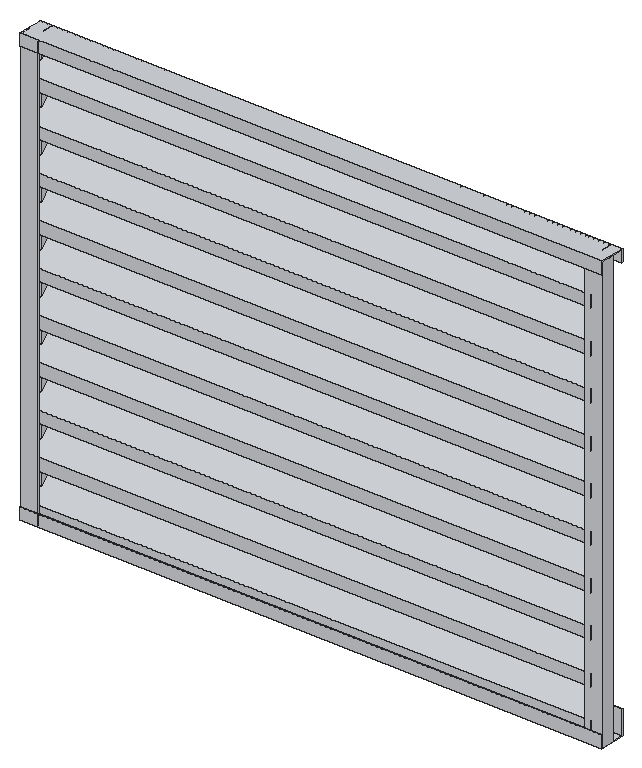
Revit family "SFL-2", category Mechanical Equipment, Revit 2015
Parameters
  URL = "https://unitedenertech.com/catalog/pdf/A_13%20SFL-2.pdf"
  Type Comments = "Max. Single Section Size is (96\"w x 72\"h)"
  Model = "SFL-2"
  Manufacturer = "United Enertech Corporation"
  Exact Width = 4' - 0"
  Exact Height = 3' - 0"
  Description = "2\" Fixed Steel Louver"
  Depth = 0' - 2.0956"
  Blade Spacing [instance] = 0' - 3 1/2"
  Blade Number [instance] = (Exact Height - 0' 2") / Blade Spacing  # 10
  BW [instance] = Exact Width - 0' 2"  # 3' - 10"
Reference planes (in)
  plane 1 "Center (Front/Back)": y = 0
  plane 2: z = 0
  plane 3 "Center (Left/Right)": x = 0
  plane 4: z = 36
  plane 5: z = 18
  plane 6: x = -24
  plane 7: x = 24
  plane 8: y = -2.0956
  plane 9: z = 0.0478
  plane 10: z = 35.9522
  plane 11: y = -2.0478
  plane 12: y = -0.0478
  plane 13: y = -2
Forms (in)
  Extrusion 1, solid
    sketch origin (12.97285, -43.62834, -7.63892) x (0, 1, 0) y (0, 0, 1)
      loop
        line (41.58054, 8.63892) -> (41.53274, 8.63892) -> (41.53274, 7.63892) -> (43.62834, 7.63892) -> (43.62834, 9.63892) -> (43.58054, 9.63892) -> (43.58054, 7.68672) -> (41.58054, 7.68672) -> (41.58054, 8.63892)
    from -36.97285 to 11.02715
  Extrusion 2, solid
    sketch origin (14.13933, -36.9728, 27.21329) x (0, 1, 0) y (0, 0, 1)
      loop
        line (36.925, 7.78671) -> (36.9728, 7.78671) -> (36.9728, 8.78671) -> (34.8772, 8.78671) -> (34.8772, 7.78671) -> (34.925, 7.78671) -> (34.925, 8.73891) -> (36.925, 8.73891) -> (36.925, 7.78671)
    from -38.13933 to 9.86067
  Extrusion 3, solid
    sketch origin (-42.24442, -9.02826, 0) x (1, 0, 0) y (0, 1, 0)
      loop
        line (19.68192, 6.98046) -> (19.68192, 7.02826) -> (18.29222, 7.02826) -> (18.29222, 7.93266) -> (19.22972, 7.93266) -> (19.22972, 8.93266) -> (19.68192, 8.93266) -> (19.68192, 8.98046) -> (19.18192, 8.98046) -> (19.18192, 7.98046) -> (18.24442, 7.98046) -> (18.24442, 6.98046) -> (19.68192, 6.98046)
    from 0.0478 to 35.9522
  Extrusion 4, solid
    sketch origin (42.24442, -9.02826, 0) x (-1, 0, 0) y (0, -1, 0)
      loop
        line (19.68192, -6.98046) -> (18.24442, -6.98046) -> (18.24442, -7.98046) -> (19.18192, -7.98046) -> (19.18192, -8.98046) -> (19.68192, -8.98046) -> (19.68192, -8.93266) -> (19.22972, -8.93266) -> (19.22972, -7.93266) -> (18.29222, -7.93266) -> (18.29222, -7.02826) -> (19.68192, -7.02826) -> (19.68192, -6.98046)
    from 0.0478 to 35.9522
Dimensions and locks (in)
  equal spacing: plane 4, plane 5, level
  "Exact Height": plane 4 to level
  equal spacing: plane 6, plane 3 "Center (Left/Right)", plane 7
  "Exact Width": plane 6 to plane 7
  "Depth": plane 8 to plane 1 "Center (Front/Back)"
  locked: plane 9 to level at 0.0478
  locked: plane 4 to plane 10 at 0.0478
  locked: plane 8 to plane 13 at 0.0956
  equal spacing: group 1, group 2, group 3, group 4, group 5, group 6, group 7, group 8, group 9, group 10  (x2)
  equal spacing: group 10, group 9, group 8, group 7, group 6, group 5, group 4, group 3, group 2, group 1
  "Blade Spacing": nested 2 to nested 1
  aligned and locked: level to plane 2
  aligned and locked: plane 6 to Extrusion 1
  aligned and locked: plane 7 to Extrusion 1
  aligned and locked: plane 4 to Extrusion 2
  aligned and locked: plane 6 to Extrusion 2
  aligned and locked: plane 7 to Extrusion 2
  aligned and locked: plane 6 to Extrusion 3
  aligned and locked: plane 7 to Extrusion 4
  aligned and locked: Extrusion 4 to plane 9
  aligned and locked: Extrusion 3 to plane 9
  aligned and locked: plane 10 to Extrusion 3
  aligned and locked: plane 10 to Extrusion 4
  aligned and locked: plane 3 "Center (Left/Right)" to nested 1
  aligned and locked: plane 10 to nested 1
  aligned and locked: plane 13 to nested 1
Automatic sketch dimensions
  Extrusion 1 sketch curve to plane 8 = 0' - 0"
  Extrusion 1 sketch curve to plane 9 = 0' - 0"
  Extrusion 1 sketch curve to plane 11 = 0' - 0"
  Extrusion 1 sketch curve to plane 12 = 0' - 0"
  Extrusion 1 sketch curve to plane 1 "Center (Front/Back)" = 0' - 0"
  Extrusion 1 sketch curve to level = 0' - 0"
  plane 9 to Extrusion 1 sketch curve = 0' - 0.9522"
  plane 9 to Extrusion 1 sketch curve = 0' - 1.9522"
  Extrusion 2 sketch curve to plane 8 = 0' - 0"
  Extrusion 2 sketch curve to plane 10 = 0' - 0"
  Extrusion 2 sketch curve to plane 11 = 0' - 0"
  Extrusion 2 sketch curve to plane 12 = 0' - 0"
  Extrusion 2 sketch curve to plane 1 "Center (Front/Back)" = 0' - 0"
  Extrusion 2 sketch curve to plane 4 = 0' - 0"
  Extrusion 2 sketch curve to plane 10 = 0' - 0.9522"  (x2)
  Extrusion 3 sketch curve to plane 6 = 0' - 0"
  Extrusion 3 sketch curve to plane 12 = 0' - 0"
  Extrusion 3 sketch curve to plane 11 = 0' - 0"
  Extrusion 3 sketch curve to plane 6 = 0' - 0.0478"
  Extrusion 3 sketch curve to Extrusion 3 sketch curve = 0' - 0.8897"
  Extrusion 3 sketch curve to Extrusion 3 sketch curve = 0' - 0.0478"  (x2)
  plane 11 to Extrusion 3 sketch curve = 0' - 0.0478"
  Extrusion 3 sketch curve to Extrusion 3 sketch curve = 0' - 0.4522"  (x2)
  Extrusion 3 sketch curve to plane 12 = 0' - 0.0478"
  plane 11 to Extrusion 3 sketch curve = 0' - 0.9522"
  Extrusion 4 sketch curve to plane 7 = 0' - 0"
  Extrusion 4 sketch curve to plane 12 = 0' - 0"
  Extrusion 4 sketch curve to plane 11 = 0' - 0"
  plane 7 to Extrusion 4 sketch curve = 0' - 0.0478"
  Extrusion 4 sketch curve to Extrusion 4 sketch curve = 0' - 0.8897"
  Extrusion 4 sketch curve to Extrusion 4 sketch curve = 0' - 0.0478"  (x2)
  Extrusion 4 sketch curve to plane 11 = 0' - 0.0478"
  Extrusion 4 sketch curve to Extrusion 4 sketch curve = 0' - 0.4522"  (x2)
  plane 12 to Extrusion 4 sketch curve = 0' - 0.0478"
  Extrusion 4 sketch curve to plane 11 = 0' - 0.9522"
Nested families (in)
  nested 1: "SFL Blade" at (0, 1.0478, 31.9522), type "SFL Blade"
    with BW 3' - 10"
  nested 2: "SFL Blade" at (0, 1.0478, 28.4522), type "SFL Blade"
    with BW 3' - 10"
  nested 3: "SFL Blade" at (0, 1.0478, 24.9522), type "SFL Blade"
    with BW 3' - 10"
  nested 4: "SFL Blade" at (0, 1.0478, 21.4522), type "SFL Blade"
    with BW 3' - 10"
  nested 5: "SFL Blade" at (0, 1.0478, 17.9522), type "SFL Blade"
    with BW 3' - 10"
  nested 6: "SFL Blade" at (0, 1.0478, 14.4522), type "SFL Blade"
    with BW 3' - 10"
  nested 7: "SFL Blade" at (0, 1.0478, 10.9522), type "SFL Blade"
    with BW 3' - 10"
  nested 8: "SFL Blade" at (0, 1.0478, 7.4522), type "SFL Blade"
    with BW 3' - 10"
  nested 9: "SFL Blade" at (0, 1.0478, 3.9522), type "SFL Blade"
    with BW 3' - 10"
  nested 10: "SFL Blade" at (0, 1.0478, 0.4522), type "SFL Blade"
    with BW 3' - 10"
Definition of nested family "SFL Blade"
  Parameters (values of type "SFL Blade")
    BW = 2' - 0"
  Reference planes (in)
    plane 1 "Center (Front/Back)": y = 0
    plane 2: z = 0
    plane 3 "Center (Left/Right)": x = 0
    plane 4: x = -12
    plane 5: x = 12
  Forms (in)
    Extrusion 1, solid
      sketch origin (0, 14.98604, -5.41882) x (0, 1, 0) y (0, 0, 1)
        loop
          line (-18.03384, 5.58202) -> (-17.98604, 5.58202) -> (-17.98604, 6.56222) -> (-16.12944, 8.41882) -> (-16.12944, 9.41882) -> (-16.17724, 9.41882) -> (-16.17724, 8.43862) -> (-18.03384, 6.58202) -> (-18.03384, 5.58202)
      from -12 to 12
  Dimensions and locks (in)
    equal spacing: plane 4, plane 3 "Center (Left/Right)", plane 5
    "BW": plane 4 to plane 5
    aligned and locked: level to plane 2
    aligned and locked: plane 4 to Extrusion 1
    aligned and locked: plane 5 to Extrusion 1
  Automatic sketch dimensions
    level to Extrusion 1 sketch curve = 0' - 1.1632"
    plane 1 "Center (Front/Back)" to Extrusion 1 sketch curve = 0' - 3.0478"
    Extrusion 1 sketch curve to Extrusion 1 sketch curve = 0' - 0.0478"  (x2)
    plane 1 "Center (Front/Back)" to Extrusion 1 sketch curve = 0' - 1.1912"
    Extrusion 1 sketch curve to Extrusion 1 sketch curve = 0' - 0.0198"  (x2)
    level to Extrusion 1 sketch curve = 0' - 0.1632"
    Extrusion 1 sketch curve to Extrusion 1 sketch curve = 0' - 1.8566"
    Extrusion 1 sketch curve to Extrusion 1 sketch curve = 0' - 0.9802"
